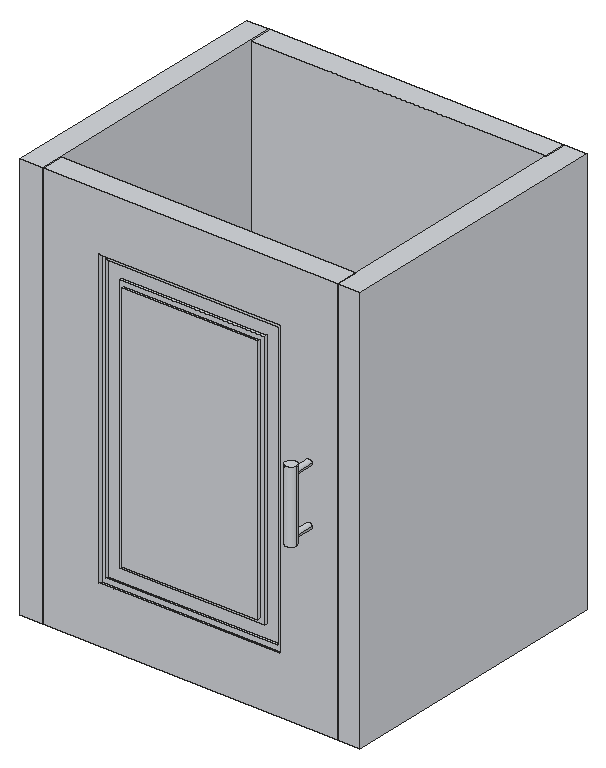
Revit family
Parameters
  Width = 600 mm
  Height = 760 mm
  Depth = 500 mm
Reference planes
  plane 1 "Center (Front/Back)": y = 0
  plane 2: z = 0
  plane 3 "Center (Left/Right)": x = 0
  plane 4: x = 600
  plane 5 "Front Plane": y = -500
  plane 6 "Unit Top": z = 760
  plane 7 "Handle Bottom": z = 350
  plane 8: x = 600
  plane 9: y = -500
  plane 10: z = 760
Forms (mm)
  Extrusion 1, solid
    sketch origin (0, 0, 0) x (1, 0, 0) y (0, 1, 0)
      loop
        line (0, 0) -> (0, -500) -> (40, -500) -> (40, 0) -> (0, 0)
    from 40 to 760 <- "Height"
  Extrusion 2, solid
    sketch origin (0, 0, 0) x (1, 0, 0) y (0, 1, 0)
      loop
        line (560, 0) -> (560, -500) -> (600, -500) -> (600, 0) -> (560, 0)
    from 40 to 760 <- "Height"
  Extrusion 3, solid
    sketch origin (0, 0, 0) x (1, 0, 0) y (0, 1, 0)
      loop
        line (40, 0) -> (40, -40) -> (560, -40) -> (560, 0) -> (40, 0)
    from 40 to 760 <- "Height"
  Extrusion 4, solid
    sketch origin (0, 0, 0) x (1, 0, 0) y (0, 1, 0)
      loop
        line (40, -460) -> (40, -500) -> (560, -500) -> (560, -460) -> (40, -460)
    from 40 to 760 <- "Height"
  Extrusion 5, solid
    sketch origin (0, -500, -12.291) x (-1, 0, 0) y (0, 0, 1)
      loop
        circle (-510, 372.291) r 5
      loop
        circle (-510, 472.291) r 5
    from 0 to -40
  Extrusion 6, solid
    sketch origin (0, 0, 350) x (-1, 0, 0) y (0, -1, 0)
      loop
        circle (-510, 540) r 10
    from 0 to 125
  Sweep 7, void
    path origin (0, -500, 0) x (-1, 0, 0) y (0, 0, 1)
      loop
        line (-140, 660) -> (-460, 660) -> (-460, 140) -> (-140, 140) -> (-140, 660)
    profile origin (460, -500, 400) x (0, 1, 0) y (-1, 0, 0)
      loop
        line (0, 0) -> (5, 0) -> (5, 8) -> (10, 8) -> (10, 32) -> (5, 32) -> (5, 40) -> (0, 40) -> (0, 0)
  Extrusion 8, solid, not visible
    sketch origin (0, -500, -12.291) x (-1, 0, 0) y (0, 0, 1)
      loop
        circle (-510, 1062.291) r 5
      loop
        circle (-510, 1162.291) r 5
    from 0 to -40
  Extrusion 9, solid, not visible
    sketch origin (0, 0, 1040) x (-1, 0, 0) y (0, -1, 0)
      loop
        circle (-510, 540) r 10
    from 0 to 125
Cuts and joins
  Sweep 7 cuts Extrusion 4
Dimensions and locks
  "Width": plane 3 "Center (Left/Right)" to plane 4
  "Depth": plane 1 "Center (Front/Back)" to plane 5 "Front Plane"
  "Height": plane 6 "Unit Top" to plane 2
  Extrusion 1 sketch curve to Extrusion 1 sketch curve = 40 mm
  Extrusion 2 sketch curve to Extrusion 2 sketch curve = 40 mm
  Extrusion 3 sketch curve to Extrusion 3 sketch curve = 40 mm
  Extrusion 4 sketch curve to Extrusion 4 sketch curve = 40 mm
  cut or joined group of Extrusion 4, Sweep 7 to Sweep 7 sketch curve = 100 mm
  Sweep 7 sketch curve to cut or joined group of Extrusion 4, Sweep 7 = 100 mm  (x3)
  plane 7 "Handle Bottom" to level = 350 mm
  Extrusion 5 to plane 7 "Handle Bottom" = 10 mm
  Extrusion 5 to plane 7 "Handle Bottom" = 110 mm
Automatic sketch dimensions
  Extrusion 5 sketch curve to Extrusion 5 sketch curve = 100 mm
  Sweep 7 sketch curve to plane 5 "Front Plane" = 0 mm
  Sweep 7 sketch curve to profile plane = 0 mm
  Sweep 7 sketch curve to Sweep 7 sketch curve = 5 mm  (x2)
  plane 5 "Front Plane" to Sweep 7 sketch curve = 5 mm
  Sweep 7 sketch curve to Sweep 7 sketch curve = 8 mm  (x2)
  Sweep 7 sketch curve to Sweep 7 sketch curve = 24 mm
  plane 1 "Center (Front/Back)" to Extrusion 3 sketch curve = 0 mm
  plane 3 "Center (Left/Right)" to Extrusion 3 sketch curve = 40 mm
  Extrusion 3 sketch curve to plane 4 = 40 mm
  Extrusion 1 sketch curve to plane 3 "Center (Left/Right)" = 0 mm
  Extrusion 1 sketch curve to plane 5 "Front Plane" = 0 mm
  plane 1 "Center (Front/Back)" to Extrusion 1 sketch curve = 0 mm
  Extrusion 2 sketch curve to plane 5 "Front Plane" = 0 mm
  plane 1 "Center (Front/Back)" to Extrusion 2 sketch curve = 0 mm
  Extrusion 2 sketch curve to plane 4 = 0 mm
  Extrusion 4 sketch curve to plane 5 "Front Plane" = 0 mm
  plane 3 "Center (Left/Right)" to Extrusion 4 sketch curve = 40 mm
  Extrusion 4 sketch curve to plane 4 = 40 mm
  Extrusion 5 sketch curve to Extrusion 5 sketch curve = 0 mm
  Extrusion 8 sketch curve to Extrusion 8 sketch curve = 100 mm
  Extrusion 8 sketch curve to Extrusion 8 sketch curve = 0 mm
  Extrusion 5 sketch curve to plane 4 = 90 mm
  plane 7 "Handle Bottom" to Extrusion 5 sketch curve = 10 mm
  Extrusion 6 sketch curve to plane 5 "Front Plane" = 40 mm
  Extrusion 6 sketch curve to plane 4 = 90 mm
  radius of Extrusion 5 sketch curve = 5 mm  (x2)
  radius of Extrusion 6 sketch curve = 10 mm
  radius of Extrusion 8 sketch curve = 5 mm  (x2)
  radius of Extrusion 9 sketch curve = 10 mm
